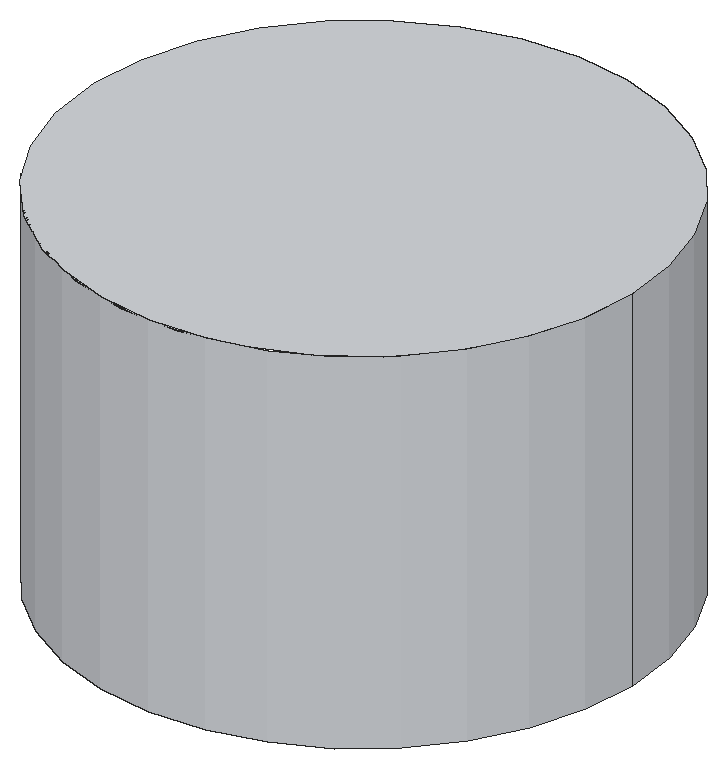
Revit family "Bernhardt-Design_Table_Clue_R22", category Furniture, Revit 2016
Family settings
  OmniClass Number = 23.40.20.00
  OmniClass Title = General Furniture and Specialties
  Work Plane-Based = No
  Always vertical = Yes
  Cut with Voids When Loaded = No
  Shared = No
  Room Calculation Point = No
Parameters (values of type "Bernhardt Design - Clue - CLS-R22")
  URL = "http://www.bernhardtdesign.com"
  SKU = "CLS-R22"
  Power Outlets [instance] = none
  Power Base [instance] = none
  Power = no
  Model = "Clue"  # constant formula
  Manufacturer = "Bernhardt Design"  # constant formula
  Feet = Plastic, Opaque Black
  Copyright © = "Copyright © Bernhardt Design"  # constant formula
  Wood Veneer [instance] = none
  Catalog = SKU  # "CLS-R22"
  Authoring Version = "Autodesk Revit 2016"  # constant formula
Types (3): name | Power
  (no name) | no
  Bernhardt Design - Clue - CLS-R22 | no
  Bernhardt Design - Clue - CLS-R22 w/ power module | yes
Reference planes (in)
  plane 1 "Center Front/Back": y = 0
  plane 2: z = 0
  plane 3 "Center Left/Right": x = 0
Forms (in)
  Extrusion 1, solid, material <- "Wood Veneer"
    sketch origin (0, 0, 0) x (1, 0, 0) y (0, 1, 0)
      loop
        circle (0, 0) r 11
    from 1.1811 to 15.55118
  Extrusion 2, solid, material <- "Wood Veneer"
    sketch origin (0, 0, 0) x (1, 0, 0) y (0, 1, 0)
      loop
        circle (0, 0) r 8.66248
      loop
        circle (0, 0) r 5.00061
    from 0.18745 to 1.1811
  Revolve 3, solid, material "Plastic, Opaque Black" <- "Feet"
    sketch origin (-4.57074, 6.23748, 0) x (1, 0, 0) y (0, 0, 1)
      loop
        line (1.79304, 0.18745) -> (1.79304, 0) -> (1.87802, 0)
        arc (1.87802, 0) -> (1.92387, 0.01079) -> (1.96123, 0.03946) r 0.11203
        arc (1.96123, 0.03946) -> (1.98298, 0.07621) -> (1.99122, 0.11811) r 0.12614
        line (1.99122, 0.11811) -> (1.99122, 0.18745) -> (1.79304, 0.18745)
      axis (1.79304, 0) -> (1.79304, 0.18745)
    angle from 0 to 360
  Revolve 4, solid, material "Plastic, Opaque Black" <- "Feet"
    sketch origin (0.98466, 6.23748, 0) x (1, 0, 0) y (0, 0, 1)
      loop
        line (1.79304, 0.18745) -> (1.79304, 0) -> (1.87802, 0)
        arc (1.87802, 0) -> (1.92387, 0.01079) -> (1.96123, 0.03946) r 0.11203
        arc (1.96123, 0.03946) -> (1.98298, 0.07621) -> (1.99122, 0.11811) r 0.12614
        line (1.99122, 0.11811) -> (1.99122, 0.18745) -> (1.79304, 0.18745)
      axis (1.79304, 0) -> (1.79304, 0.18745)
    angle from 0 to 360
  Revolve 5, solid, material "Plastic, Opaque Black" <- "Feet"
    sketch origin (4.69524, 2.11649, 0) x (1, 0, 0) y (0, 0, 1)
      loop
        line (1.79304, 0.18745) -> (1.79304, 0) -> (1.87802, 0)
        arc (1.87802, 0) -> (1.92387, 0.01079) -> (1.96123, 0.03946) r 0.11203
        arc (1.96123, 0.03946) -> (1.98298, 0.07621) -> (1.99122, 0.11811) r 0.12614
        line (1.99122, 0.11811) -> (1.99122, 0.18745) -> (1.79304, 0.18745)
      axis (1.79304, 0) -> (1.79304, 0.18745)
    angle from 0 to 360
  Revolve 6, solid, material "Plastic, Opaque Black" <- "Feet"
    sketch origin (4.69506, -2.11914, 0) x (1, 0, 0) y (0, 0, 1)
      loop
        line (1.79304, 0.18745) -> (1.79304, 0) -> (1.87802, 0)
        arc (1.87802, 0) -> (1.92387, 0.01079) -> (1.96123, 0.03946) r 0.11203
        arc (1.96123, 0.03946) -> (1.98298, 0.07621) -> (1.99122, 0.11811) r 0.12614
        line (1.99122, 0.11811) -> (1.99122, 0.18745) -> (1.79304, 0.18745)
      axis (1.79304, 0) -> (1.79304, 0.18745)
    angle from 0 to 360
  Revolve 7, solid, material "Plastic, Opaque Black" <- "Feet"
    sketch origin (0.98466, -6.24014, 0) x (1, 0, 0) y (0, 0, 1)
      loop
        line (1.79304, 0.18745) -> (1.79304, 0) -> (1.87802, 0)
        arc (1.87802, 0) -> (1.92387, 0.01079) -> (1.96123, 0.03946) r 0.11203
        arc (1.96123, 0.03946) -> (1.98298, 0.07621) -> (1.99122, 0.11811) r 0.12614
        line (1.99122, 0.11811) -> (1.99122, 0.18745) -> (1.79304, 0.18745)
      axis (1.79304, 0) -> (1.79304, 0.18745)
    angle from 0 to 360
  Revolve 8, solid, material "Plastic, Opaque Black" <- "Feet"
    sketch origin (-4.57074, -6.24014, 0) x (1, 0, 0) y (0, 0, 1)
      loop
        line (1.79304, 0.18745) -> (1.79304, 0) -> (1.87802, 0)
        arc (1.87802, 0) -> (1.92387, 0.01079) -> (1.96123, 0.03946) r 0.11203
        arc (1.96123, 0.03946) -> (1.98298, 0.07621) -> (1.99122, 0.11811) r 0.12614
        line (1.99122, 0.11811) -> (1.99122, 0.18745) -> (1.79304, 0.18745)
      axis (1.79304, 0) -> (1.79304, 0.18745)
    angle from 0 to 360
  Revolve 9, solid, material "Plastic, Opaque Black" <- "Feet"
    sketch origin (-8.28132, -2.11914, 0) x (1, 0, 0) y (0, 0, 1)
      loop
        line (1.79304, 0.18745) -> (1.79304, 0) -> (1.87802, 0)
        arc (1.87802, 0) -> (1.92387, 0.01079) -> (1.96123, 0.03946) r 0.11203
        arc (1.96123, 0.03946) -> (1.98298, 0.07621) -> (1.99122, 0.11811) r 0.12614
        line (1.99122, 0.11811) -> (1.99122, 0.18745) -> (1.79304, 0.18745)
      axis (1.79304, 0) -> (1.79304, 0.18745)
    angle from 0 to 360
  Revolve 10, solid, material "Plastic, Opaque Black" <- "Feet"
    sketch origin (-8.2812, 2.12617, 0) x (1, 0, 0) y (0, 0, 1)
      loop
        line (1.79304, 0.18745) -> (1.79304, 0) -> (1.87802, 0)
        arc (1.87802, 0) -> (1.92387, 0.01079) -> (1.96123, 0.03946) r 0.11203
        arc (1.96123, 0.03946) -> (1.98298, 0.07621) -> (1.99122, 0.11811) r 0.12614
        line (1.99122, 0.11811) -> (1.99122, 0.18745) -> (1.79304, 0.18745)
      axis (1.79304, 0) -> (1.79304, 0.18745)
    angle from 0 to 360
Dimensions and locks (in)
  aligned and locked: level to plane 2
Nested families (in)
  nested 1: "Clue_power" at (5.88325, -0.00003, 15.55118), Power Base <- "Power Base", Power Outlets <- "Power Outlets", visible <- "Power", type "Clue_power"
    with Power Outlets none, Power Base none
Definition of nested family "Clue_power"
  Parameters (values of type "Clue_power")
    URL = "http://www.bernhardtdesign.com"
    Power Outlets [instance] = none
    Power Base [instance] = none
    Model = ""
    Manufacturer = "Bernhardt Design"  # constant formula
    Copyright © = "Copyright © Bernhardt Design"  # constant formula
    Catalog = ""
    Authoring Version = "Autodesk Revit 2016"  # constant formula
  Reference planes (in)
    plane 1 "Center Front/Back": y = 0
    plane 2: z = 0
    plane 3 "Center Left/Right": x = 0
  Forms (in)
    Revolve 1, solid, material <- "Power Base"
      sketch origin (0, 0, 0) x (0, 1, 0) y (0, 0, 1)
        loop
          arc (1.6825, 0) -> (1.67392, 0.04473) -> (1.6473, 0.08169) r 0.1056
          arc (1.6473, 0.08169) -> (0.82894, 0.2153) -> (0, 0.2361) r 6.06808
          line (0, 0.2361) -> (0, 0) -> (1.6825, 0)
        axis (0, 0.2361) -> (0, 0)
      angle from 0 to 360
    Extrusion 2, solid, material <- "Power Outlets"
      sketch origin (0, 0, 0) x (1, 0, 0) y (0, 1, 0)
        loop
          line (-0.75148, 1.15592) -> (-0.75148, -1.19925)
          arc (-0.75148, -1.19925) -> (-0.67323, -1.35002) -> (-0.51449, -1.4105) r 0.23856
          line (-0.51449, -1.4105) -> (0.5165, -1.4105)
          arc (0.5165, -1.4105) -> (0.68266, -1.34167) -> (0.75148, -1.17551) r 0.23498
          line (0.75148, -1.17551) -> (0.75148, 1.19926)
          arc (0.75148, 1.19926) -> (0.67415, 1.35121) -> (0.51498, 1.41233) r 0.23778
          line (0.51498, 1.41233) -> (-0.53896, 1.41233)
          arc (-0.53896, 1.41233) -> (-0.69806, 1.32792) -> (-0.75148, 1.15592) r 0.23633
        loop
          line (-0.61952, 1.17561) -> (-0.61952, -1.17715)
          arc (-0.61952, -1.17715) -> (-0.58906, -1.25067) -> (-0.51554, -1.28113) r 0.10398
          line (-0.51554, -1.28113) -> (0.51806, -1.28113)
          arc (0.51806, -1.28113) -> (0.58999, -1.25134) -> (0.61978, -1.17941) r 0.10172
          line (0.61978, -1.17941) -> (0.61978, 1.17733)
          arc (0.61978, 1.17733) -> (0.58933, 1.25086) -> (0.5158, 1.28132) r 0.10398
          line (0.5158, 1.28132) -> (-0.51555, 1.28132)
          arc (-0.51555, 1.28132) -> (-0.58968, 1.25025) -> (-0.61952, 1.17561) r 0.10398
      from 0.06006 to 0.30371
    Extrusion 3, void
      sketch origin (0, 0, 0) x (0, 1, 0) y (0, 0, 1)
        loop
          line (1.41233, 0.15499) -> (1.53943, 0.15499) -> (1.53943, 0.42603) -> (-1.53671, 0.42603) -> (-1.53671, 0.15499) -> (-1.41233, 0.15499)
          arc (-1.41233, 0.15499) -> (-1.34983, 0.19077) -> (-1.28065, 0.21075) r 0.30249
          arc (-1.28065, 0.21075) -> (-0.6424, 0.2859) -> (0, 0.30373) r 7.1871
          arc (0, 0.30373) -> (0.6424, 0.2859) -> (1.28065, 0.21075) r 7.1871
          arc (1.28065, 0.21075) -> (1.34983, 0.19077) -> (1.41233, 0.15499) r 0.30249
      from -0.98874 to 1.00889
    Extrusion 4, solid, material <- "Power Outlets"
      sketch origin (0, 0, 0) x (1, 0, 0) y (0, 1, 0)
        loop
          line (-0.53791, -0.11341) -> (-0.53791, -1.19581) -> (0.53709, -1.19581) -> (0.53709, -0.11341) -> (-0.53791, -0.11341)
        loop
          line (-0.53791, 0.11341) -> (0.53709, 0.11341) -> (0.53709, 1.19581) -> (-0.53791, 1.19581) -> (-0.53791, 0.11341)
      from 0.06006 to 0.3696
    Extrusion 5, void
      sketch origin (0, 0, -0.00588) x (0, 1, 0) y (0, 0, 1)
        loop
          line (1.41233, 0.15499) -> (1.53943, 0.15499) -> (1.53943, 0.42603) -> (-1.53671, 0.42603) -> (-1.53671, 0.15499) -> (-1.41233, 0.15499)
          arc (-1.41233, 0.15499) -> (-1.34983, 0.19077) -> (-1.28065, 0.21075) r 0.30249
          arc (-1.28065, 0.21075) -> (-0.6424, 0.2859) -> (0, 0.30373) r 7.1871
          arc (0, 0.30373) -> (0.6424, 0.2859) -> (1.28065, 0.21075) r 7.1871
          arc (1.28065, 0.21075) -> (1.34983, 0.19077) -> (1.41233, 0.15499) r 0.30249
      from -0.98874 to 1.00889
    Extrusion 6, void
      sketch origin (0, 0, 0) x (1, 0, 0) y (0, 1, 0)
        loop
          line (-0.27547, 0.88145) -> (-0.27547, 0.65358) -> (0.27793, 0.65358) -> (0.27793, 0.88145) -> (-0.27547, 0.88145)
        loop
          line (-0.27547, 0.53657) -> (-0.27547, 0.3087) -> (0.27793, 0.3087) -> (0.27793, 0.53657) -> (-0.27547, 0.53657)
        loop
          line (-0.35891, -0.22508) -> (-0.35891, -0.69469) -> (-0.14191, -0.69469) -> (-0.14191, -0.22508) -> (-0.35891, -0.22508)
        loop
          line (0.13909, -0.25998) -> (0.13909, -0.6598) -> (0.36009, -0.6598) -> (0.36009, -0.25998) -> (0.13909, -0.25998)
        loop
          line (0.15909, -1.10249) -> (0.15909, -0.9556)
          arc (0.15909, -0.9556) -> (0.11249, -0.8431) -> (0, -0.79651) r 0.15909
          arc (0, -0.79651) -> (-0.11307, -0.84335) -> (-0.15991, -0.95642) r 0.15991
          line (-0.15991, -0.95642) -> (-0.15991, -1.10249) -> (0.15909, -1.10249)
      from 0.09737 to 0.49805
  Cuts and joins
    Extrusion 3 cuts Extrusion 2
    Extrusion 5, Extrusion 6 cuts Extrusion 4
  Dimensions and locks (in)
    Extrusion 4 to plane 1 "Center Front/Back" = 0' - 0.11341"
    aligned and locked: level to plane 2
